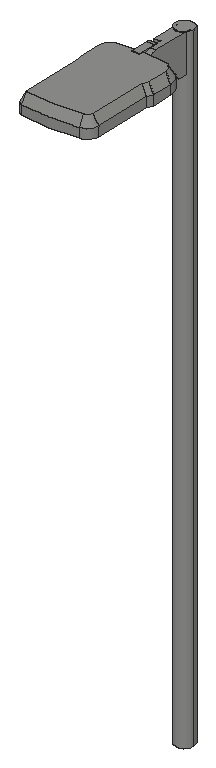
Revit family "VP-2-AA_U", category Lighting Fixtures, host Face, Revit 2019
Family settings
  Host = Face
  Round Connector Dimension = Use Diameter
  Part Type = Normal
  OmniClass Number = 23.80.70.11.14.17
  OmniClass Title = Direct/Indirect
  Cut with Voids When Loaded = No
  Light Source = No
  Shared = Yes
  Room Calculation Point = No
Parameters (values of type "VP-2-AA3U")
  Wattage Comments = "168 W"  # constant formula
  Warranty = "Five year warranty"  # constant formula
  Voltage = 120 V
  URL = "https://www.currentlighting.com/beacon"
  Type Comments = "Lighting Fixture"  # constant formula
  Size 2 = SIZE2-AAU : SIZE2-AAU
  Product Page URL = "https://www.currentlighting.com/outdoor-lighting/viper-area-size-2/9606404"
  Product Documentation Link = "https://cdn.currentlighting.com/site/specsheet/BEA_VIPERSPEC.pdf"
  Power Factor = 0.9
  Pole Radius [instance] = Pole Size / 2  # 1.75"
  Pole Height [instance] = 120.00"
  Name = "Viper Area Size 2"  # constant formula
  Mounting Block Size [instance] = Pole Size - 1.00"  # 2.50"
  Model = "VP-2-AA3U"
  Matt Grey = MATT GREY
  Matt Black = Matt Black
  Manufacturer = "Current Lighting"  # constant formula
  Load Classification = Lighting
  Light Output = 12704.00 cd/m²
  Lamp = "LED"  # constant formula
  Grey = Grey
  Glass = Glass
  Pole Size [instance] = 3.50"
  Features = "Featuring two different optical technologies, Micro Strike and Strike Optics, which provide the best distribution patterns for retrofit or new construction\r\nVibration rated for high vibration applications including bridges and overpasses\r\nControl options including photo control, occupancy sensing, NX Lighting Controls, wiSCAPE and 7-Pin with networked controls\r\nMounting options include: Arm, Universal Arm, Adjustable Arm, Mast Arm, Decorative Arm, Knuckle, Trunnion, Wall\r\nDistribution options include: Auto Front Row, Type 2, Type 3, Type 4 Forward, Type 4 Wide, Type 5 Narrow, Type 5 Medium, Type 5 Wide, Type 5 Rectangular, Corner Optic, and Tennis Court\r\n\r\n"  # constant formula
  Copyright = "© 2022 Current Lighting"  # constant formula
  Cool Grey = Cool Grey
  Contact Us = "https://www.currentlighting.com/contact-us"
  Certification = "UL"  # constant formula
  Description = "The Viper is an extremely versatile area/site luminaire which blends design, performance, and technology for a variety of applications."  # constant formula
  Default Elevation = 48.00"
  Finish = Arctic White
  Matt White = Matt White
  CRI = "70"  # constant formula
  Brand = "Beacon"  # constant formula
  Assembly Code = "D5020200"
  Apparent Load = 168 VA  # constant formula
Reference planes (in)
  plane 1 "Center (Front/Back)": y = 6.16697
  plane 2: z = 0
  plane 3 "Center (Left/Right)": x = 0
  plane 4: z = 3.75
  plane 5: z = -4.44
  plane 6: x = -1.75
  plane 7: x = 1.75
  plane 8: y = 4.41697
  plane 9: y = 7.91697
  plane 10: z = 120
Forms (in)
  Extrusion 1, solid, material "Cool Grey" <- "Cool Grey"
    sketch origin (0, 0, 0) x (1, 0, 0) y (0, 1, 0)
      loop
        circle (0, 6.16697) r 1.75
    from 0 to 120
Lines and regions (in)
  reference lines
    curve 1: line (0, 14.42606, -3.25) -> (0, 17.42606, -0.25)
    curve 2: line (0, -2.09213, -3.25) -> (0, 14.42606, -3.25)
    curve 3: line (0, -5.09213, -0.25) -> (0, -2.09213, -3.25)
    curve 4: line (0, 14.42606, -3.25) -> (0, 17.42606, -0.25)
    curve 5: line (0, -5.09213, -0.25) -> (0, 17.42606, -0.25)
    curve 6: line (0, 17.17606, -0.77432) -> (0, 17.92606, -0.77432)
    curve 7: line (0, 17.17606, -1.52432) -> (0, 17.17606, -0.77432)
    curve 8: line (0, 16.69614, -1.52432) -> (0, 17.17606, -1.52432)
    curve 9: line (0, 14.92606, -4.25) -> (0, 16.69614, -1.52432)
    curve 10: line (0, -4.3622, -1.52432) -> (0, -2.59213, -4.25)
    curve 11: line (0, -4.84213, -1.52432) -> (0, -4.3622, -1.52432)
    curve 12: line (0, -4.84213, -0.77432) -> (0, -4.84213, -1.52432)
    curve 13: line (0, -5.59213, -0.77432) -> (0, -4.84213, -0.77432)
Dimensions and locks (in)
  plane 4 to plane 2 = 3.75"
  "Pole Size": plane 8 to plane 9
  equal spacing: plane 8, plane 1 "Center (Front/Back)", plane 9
  equal spacing: plane 6, plane 3 "Center (Left/Right)", plane 7
  "Pole Size": plane 6 to plane 7
  "Pole Height": plane 10 to plane 2
  "Pole Radius": radius of Extrusion 1 sketch curve
  aligned and locked: plane 2 to host face
  aligned and locked: level to host face
  aligned and locked: plane 10 to Extrusion 1
  aligned and locked: plane 3 "Center (Left/Right)" to nested 1
Automatic sketch dimensions
  host sketch curve to host sketch curve = 96.00"
  host sketch curve to host sketch curve = 85.00"
  curve 3 to level = 0.25"
  plane 8 to curve 3 = 9.50909"
  curve 3 to curve 12 = 0.25"
  curve 11 to curve 11 = 0.47992"
  curve 2 to plane 5 = 1.19"
  curve 10 to curve 2 = 2.27008"
  curve 1 to plane 9 = 6.50909"
  curve 9 to level = 1.52432"
  curve 1 to curve 9 = 2.27008"
  curve 8 to curve 8 = 0.47992"
  curve 6 to curve 4 = 0.25"
  curve 10 to curve 3 = 1.27432"
  curve 7 to curve 1 = 0.52432"
  curve 12 to curve 3 = 0.52432"
  curve 13 to curve 3 = 0.50"
  curve 10 to plane 5 = 0.19"
  curve 10 to curve 2 = 0.50"
  curve 9 to plane 5 = 0.19"
  curve 1 to curve 9 = 0.50"
  curve 1 to curve 6 = 0.50"
  plane 1 "Center (Front/Back)" to Extrusion 1 sketch curve = 0.00"
  Extrusion 1 sketch curve to plane 3 "Center (Left/Right)" = 0.00"
Nested families (in)
  nested 1: "SIZE2-AAU" at (0, 4.41697, 118.26) x (1, 0, 0) z (0, -1, 0), type <- "Size 2", type "SIZE2-AAU"
Connectors (in)
  electrical at (0, 6.16697, 0), driven by "Power Factor", driven by "Apparent Load", driven by "Voltage"
    settings: on Extrusion 1, index 1, voltage 120 V, apparent load 168 VA, apparent load phase1 0 VA, apparent load phase2 0 VA, apparent load phase3 0 VA, power factor 0.9, load classification "Other", number of poles 1, system type 30, power factor state 1, is connector primary yes, connector utility no, sub classification motor no, connector description "Light Fixture"
Definition of nested family "SIZE2-AAU"
  Parameters (values of type "SIZE2-AAU")
    Width = 14.38"
    Wattage = 168 W
    built-in parameter 1150110 = 1 (stored number, unit not read)
    built-in parameter 1114217 = 1 (stored number, unit not read)
    Tilt Angle = 160.00°
    built-in parameter 1150109 = 1 (stored number, unit not read)
    built-in parameter 1150134 = 3
    built-in parameter 1150113 = 1 (stored number, unit not read)
    Photometric Web File = "VP-2-320L-170-3K7-4-BC.ies"
    Mount Length = 7.50"
    built-in parameter 1150105 = 1016 (stored number, unit not read)
    Lumens = 12768 lm
    built-in parameter 1150115 = 1 (stored number, unit not read)
    built-in parameter 1150137 = (empty or 0)
    built-in parameter 1150139 = (empty or 0)
    Length = 21.88"
    built-in parameter 1150112 = 1 (stored number, unit not read)
    built-in parameter 1150114 = 1 (stored number, unit not read)
    built-in parameter 1150132 = (empty or 0)
    built-in parameter 1150102 = (empty or 0)
    built-in parameter 1150107 = 3200 (stored number, unit not read)
    built-in parameter 1150138 = (empty or 0)
    built-in parameter 1150106 = 10.16 (stored number, unit not read)
    Glass = none
    Fixture = none
    built-in parameter 1150104 = 7.0606 (stored number, unit not read)
    Dimming Lamp Color Temperature Shift = (empty or 0)
    Default Elevation = 48.00"
    Color Filter = 16777215
    built-in parameter 1114218 = 1 (stored number, unit not read)
    built-in parameter 1150133 = 10 (stored number, unit not read)
  Reference planes (in)
    plane 1 "Center (Front/Back)": y = 0
    plane 2: z = 0
    plane 3 "Center (Left/Right)": x = 0
    plane 4: x = 7.19
    plane 5: x = -7.19
    plane 6: z = 7.5
    plane 7: z = 29.38
    plane 8: y = -1.74
    plane 9: y = 1.74
  Forms (in)
    Extrusion 1, solid
      sketch origin (0, 0, 0) x (1, 0, 0) y (0, 1, 0)
        loop
          line (-48, 48) -> (-48, -48) -> (48, -48) -> (48, 48) -> (-48, 48)
      from 0 to -12
    Extrusion 2, solid, material <- "Fixture"
      sketch origin (0, 0, 2.5) x (1, 0, 0) y (0, 0, 1)
        loop
          line (-6.90972, 13.22202) -> (-7.315, 12.17799) -> (-7.315, 8.14521)
          arc (-7.315, 8.14521) -> (-6.65907, 6.18733) -> (-4.95604, 5.01974) r 3.25
          arc (-4.95604, 5.01974) -> (0, 4.60164) -> (4.95604, 5.01974) r 29.58274
          arc (4.95604, 5.01974) -> (6.65907, 6.18733) -> (7.315, 8.14521) r 3.25
          line (7.315, 8.14521) -> (7.315, 12.17799) -> (6.8775, 13.30502) -> (6.8775, 24.46879)
          arc (6.8775, 24.46879) -> (6.31653, 25.85775) -> (4.9483, 26.46754) r 2
          arc (4.9483, 26.46754) -> (-0.47287, 26.80918) -> (-5.88692, 26.36884) r 37.73107
          arc (-5.88692, 26.36884) -> (-6.62058, 25.93919) -> (-6.90972, 25.13966) r 1.25
          line (-6.90972, 25.13966) -> (-6.90972, 13.22202)
      from 0 to 1.74
    Extrusion 3, void
      sketch origin (0, 0, 3.625) x (1, 0, 0) y (0, 0, 1)
        loop
          line (-5.94707, 9.88637) -> (-5.94707, 8.88637)
          arc (-5.94707, 8.88637) -> (-0.00354, 7.88584) -> (5.94, 8.88637) r 18.15382
          line (5.94, 8.88637) -> (5.94, 9.88637)
          arc (5.94, 9.88637) -> (-0.00354, 8.88584) -> (-5.94707, 9.88637) r 18.15382
        loop
          line (-5.85535, 7.87828) -> (-5.85535, 7.60486)
          arc (-5.85535, 7.60486) -> (0.0002, 6.63584) -> (5.85535, 7.60727) r 18.15382
          line (5.85535, 7.60727) -> (5.85535, 7.88068)
          arc (5.85535, 7.88068) -> (0.0002, 6.91466) -> (-5.85535, 7.87828) r 18.25
        loop
          line (-5.85535, 7.12828) -> (-5.85535, 6.85486)
          arc (-5.85535, 6.85486) -> (0.0002, 5.88584) -> (5.85535, 6.85727) r 18.15382
          line (5.85535, 6.85727) -> (5.85535, 7.13068)
          arc (5.85535, 7.13068) -> (0.0002, 6.16466) -> (-5.85535, 7.12828) r 18.25
      from 1 to 1.75
    Blend 4, solid, material <- "Fixture"
      base sketch origin (0, 0, 2.5) x (1, 0, 0) y (0, 0, 1)
        loop
          arc (6.8775, 24.46879) -> (6.31653, 25.85775) -> (4.9483, 26.46754) r 2
          arc (4.9483, 26.46754) -> (-0.47287, 26.80918) -> (-5.88692, 26.36884) r 37.73107
          arc (-5.88692, 26.36884) -> (-6.62058, 25.93919) -> (-6.90972, 25.13966) r 1.25
          line (-6.90972, 25.13966) -> (-6.90972, 13.22202) -> (-7.315, 12.17799) -> (-7.315, 8.14521)
          arc (-7.315, 8.14521) -> (-6.65907, 6.18733) -> (-4.95604, 5.01974) r 3.25
          arc (-4.95604, 5.01974) -> (0, 4.60164) -> (4.95604, 5.01974) r 29.58274
          arc (4.95604, 5.01974) -> (6.65907, 6.18733) -> (7.315, 8.14521) r 3.25
          line (7.315, 8.14521) -> (7.315, 12.17799) -> (6.8775, 13.30502) -> (6.8775, 24.46879)
      top sketch origin (0, 0, 2.5) x (1, 0, 0) y (0, 0, 1)
        loop
          arc (5.8775, 24.46879) -> (5.58249, 25.17801) -> (4.87152, 25.46878) r 1
          arc (4.87152, 25.46878) -> (-0.42416, 25.80959) -> (-5.71369, 25.38377) r 36.73111
          arc (-5.71369, 25.38377) -> (-5.85465, 25.2962) -> (-5.90972, 25.13966) r 0.25
          line (-5.90972, 25.13966) -> (-5.90972, 13.03474) -> (-6.315, 11.99071) -> (-6.315, 8.14521)
          arc (-6.315, 8.14521) -> (-5.87115, 6.80345) -> (-4.71471, 5.99106) r 2.25
          arc (-4.71471, 5.99106) -> (0, 5.59956) -> (4.71471, 5.99106) r 28.58482
          arc (4.71471, 5.99106) -> (5.87115, 6.80345) -> (6.315, 8.14521) r 2.25
          line (6.315, 8.14521) -> (6.315, 11.99071) -> (5.8775, 13.11774) -> (5.8775, 24.46879)
      from 0 to -1.74
    Extrusion 5, void
      sketch origin (0, 0, 2.5) x (1, 0, 0) y (0, 0, 1)
        loop
          arc (-5.91108, 12.63948) -> (0.07704, 12.98149) -> (6.065, 12.63674) r 52.38328
          line (6.065, 12.63674) -> (6.065, 24.56182) -> (-5.91108, 24.56182) -> (-5.91108, 12.63948)
      from 1 to 1.75
    Extrusion 6, solid, material <- "Glass"
      sketch origin (0, 0, 2.25) x (1, 0, 0) y (0, 0, 1)
        loop
          arc (-5.06487, 24.56182) -> (-5.31236, 24.45931) -> (-5.41487, 24.21182) r 0.35
          line (-5.41487, 24.21182) -> (-5.41487, 19.16182)
          arc (-5.41487, 19.16182) -> (-5.31236, 18.91434) -> (-5.06487, 18.81182) r 0.35
          line (-5.06487, 18.81182) -> (5.11803, 18.81182)
          arc (5.11803, 18.81182) -> (5.36552, 18.91434) -> (5.46803, 19.16182) r 0.35
          line (5.46803, 19.16182) -> (5.46803, 24.21182)
          arc (5.46803, 24.21182) -> (5.36552, 24.45931) -> (5.11803, 24.56182) r 0.35
          line (5.11803, 24.56182) -> (-5.06487, 24.56182)
      from 1 to 1.35
    Extrusion 7, solid, material <- "Glass"
      sketch origin (0, 0, 2.25) x (1, 0, 0) y (0, 0, 1)
        loop
          circle (-4.85829, 23.73694) r 0.15
        loop
          circle (-4.33955, 23.73694) r 0.15
        loop
          circle (-3.8208, 23.73694) r 0.15
        loop
          circle (-3.30205, 23.73694) r 0.15
        loop
          circle (-2.7833, 23.73694) r 0.15
        loop
          circle (-2.26455, 23.73694) r 0.15
        loop
          circle (-1.7458, 23.73694) r 0.15
        loop
          circle (-1.22705, 23.73694) r 0.15
        loop
          circle (-0.70831, 23.73694) r 0.15
        loop
          circle (-4.85829, 23.23694) r 0.15
        loop
          circle (-4.33955, 23.23694) r 0.15
        loop
          circle (-3.8208, 23.23694) r 0.15
        loop
          circle (-3.30205, 23.23694) r 0.15
        loop
          circle (-2.7833, 23.23694) r 0.15
        loop
          circle (-2.26455, 23.23694) r 0.15
        loop
          circle (-1.7458, 23.23694) r 0.15
        loop
          circle (-1.22705, 23.23694) r 0.15
        loop
          circle (-0.70831, 23.23694) r 0.15
        loop
          circle (-4.85829, 22.73694) r 0.15
        loop
          circle (-4.33955, 22.73694) r 0.15
        loop
          circle (-3.8208, 22.73694) r 0.15
        loop
          circle (-3.30205, 22.73694) r 0.15
        loop
          circle (-2.7833, 22.73694) r 0.15
        loop
          circle (-2.26455, 22.73694) r 0.15
        loop
          circle (-1.7458, 22.73694) r 0.15
        loop
          circle (-1.22705, 22.73694) r 0.15
        loop
          circle (-0.70831, 22.73694) r 0.15
        loop
          circle (-4.85829, 22.23694) r 0.15
        loop
          circle (-4.33955, 22.23694) r 0.15
        loop
          circle (-3.8208, 22.23694) r 0.15
        loop
          circle (-3.30205, 22.23694) r 0.15
        loop
          circle (-2.7833, 22.23694) r 0.15
        loop
          circle (-2.26455, 22.23694) r 0.15
        loop
          circle (-1.7458, 22.23694) r 0.15
        loop
          circle (-1.22705, 22.23694) r 0.15
        loop
          circle (-0.70831, 22.23694) r 0.15
        loop
          circle (-4.85829, 21.73694) r 0.15
        loop
          circle (-4.33955, 21.73694) r 0.15
        loop
          circle (-3.8208, 21.73694) r 0.15
        loop
          circle (-3.30205, 21.73694) r 0.15
        loop
          circle (-2.7833, 21.73694) r 0.15
        loop
          circle (-2.26455, 21.73694) r 0.15
        loop
          circle (-1.7458, 21.73694) r 0.15
        loop
          circle (-1.22705, 21.73694) r 0.15
        loop
          circle (-0.70831, 21.73694) r 0.15
        loop
          circle (-4.85829, 21.23694) r 0.15
        loop
          circle (-4.33955, 21.23694) r 0.15
        loop
          circle (-3.8208, 21.23694) r 0.15
        loop
          circle (-3.30205, 21.23694) r 0.15
        loop
          circle (-2.7833, 21.23694) r 0.15
        loop
          circle (-2.26455, 21.23694) r 0.15
        loop
          circle (-1.7458, 21.23694) r 0.15
        loop
          circle (-1.22705, 21.23694) r 0.15
        loop
          circle (-0.70831, 21.23694) r 0.15
        loop
          circle (-4.85829, 20.73694) r 0.15
        loop
          circle (-4.33955, 20.73694) r 0.15
        loop
          circle (-3.8208, 20.73694) r 0.15
        loop
          circle (-3.30205, 20.73694) r 0.15
        loop
          circle (-2.7833, 20.73694) r 0.15
        loop
          circle (-2.26455, 20.73694) r 0.15
        loop
          circle (-1.7458, 20.73694) r 0.15
        loop
          circle (-1.22705, 20.73694) r 0.15
        loop
          circle (-0.70831, 20.73694) r 0.15
        loop
          circle (-4.85829, 20.23694) r 0.15
        loop
          circle (-4.33955, 20.23694) r 0.15
        loop
          circle (-3.8208, 20.23694) r 0.15
        loop
          circle (-3.30205, 20.23694) r 0.15
        loop
          circle (-2.7833, 20.23694) r 0.15
        loop
          circle (-2.26455, 20.23694) r 0.15
        loop
          circle (-1.7458, 20.23694) r 0.15
        loop
          circle (-1.22705, 20.23694) r 0.15
        loop
          circle (-0.70831, 20.23694) r 0.15
        loop
          circle (-4.85829, 19.73694) r 0.15
        loop
          circle (-4.33955, 19.73694) r 0.15
        loop
          circle (-3.8208, 19.73694) r 0.15
        loop
          circle (-3.30205, 19.73694) r 0.15
        loop
          circle (-2.7833, 19.73694) r 0.15
        loop
          circle (-2.26455, 19.73694) r 0.15
        loop
          circle (-1.7458, 19.73694) r 0.15
        loop
          circle (-1.22705, 19.73694) r 0.15
        loop
          circle (-0.70831, 19.73694) r 0.15
      from 1.35 to 1.4
    Extrusion 8, solid, material <- "Glass"
      sketch origin (0, 0, 2.25) x (-1, 0, 0) y (0, 0, -1)
        loop
          circle (-4.85829, -23.73694) r 0.15
        loop
          circle (-4.33955, -23.73694) r 0.15
        loop
          circle (-3.8208, -23.73694) r 0.15
        loop
          circle (-3.30205, -23.73694) r 0.15
        loop
          circle (-2.7833, -23.73694) r 0.15
        loop
          circle (-2.26455, -23.73694) r 0.15
        loop
          circle (-1.7458, -23.73694) r 0.15
        loop
          circle (-1.22705, -23.73694) r 0.15
        loop
          circle (-0.70831, -23.73694) r 0.15
        loop
          circle (-4.85829, -23.23694) r 0.15
        loop
          circle (-4.33955, -23.23694) r 0.15
        loop
          circle (-3.8208, -23.23694) r 0.15
        loop
          circle (-3.30205, -23.23694) r 0.15
        loop
          circle (-2.7833, -23.23694) r 0.15
        loop
          circle (-2.26455, -23.23694) r 0.15
        loop
          circle (-1.7458, -23.23694) r 0.15
        loop
          circle (-1.22705, -23.23694) r 0.15
        loop
          circle (-0.70831, -23.23694) r 0.15
        loop
          circle (-4.85829, -22.73694) r 0.15
        loop
          circle (-4.33955, -22.73694) r 0.15
        loop
          circle (-3.8208, -22.73694) r 0.15
        loop
          circle (-3.30205, -22.73694) r 0.15
        loop
          circle (-2.7833, -22.73694) r 0.15
        loop
          circle (-2.26455, -22.73694) r 0.15
        loop
          circle (-1.7458, -22.73694) r 0.15
        loop
          circle (-1.22705, -22.73694) r 0.15
        loop
          circle (-0.70831, -22.73694) r 0.15
        loop
          circle (-4.85829, -22.23694) r 0.15
        loop
          circle (-4.33955, -22.23694) r 0.15
        loop
          circle (-3.8208, -22.23694) r 0.15
        loop
          circle (-3.30205, -22.23694) r 0.15
        loop
          circle (-2.7833, -22.23694) r 0.15
        loop
          circle (-2.26455, -22.23694) r 0.15
        loop
          circle (-1.7458, -22.23694) r 0.15
        loop
          circle (-1.22705, -22.23694) r 0.15
        loop
          circle (-0.70831, -22.23694) r 0.15
        loop
          circle (-4.85829, -21.73694) r 0.15
        loop
          circle (-4.33955, -21.73694) r 0.15
        loop
          circle (-3.8208, -21.73694) r 0.15
        loop
          circle (-3.30205, -21.73694) r 0.15
        loop
          circle (-2.7833, -21.73694) r 0.15
        loop
          circle (-2.26455, -21.73694) r 0.15
        loop
          circle (-1.7458, -21.73694) r 0.15
        loop
          circle (-1.22705, -21.73694) r 0.15
        loop
          circle (-0.70831, -21.73694) r 0.15
        loop
          circle (-4.85829, -21.23694) r 0.15
        loop
          circle (-4.33955, -21.23694) r 0.15
        loop
          circle (-3.8208, -21.23694) r 0.15
        loop
          circle (-3.30205, -21.23694) r 0.15
        loop
          circle (-2.7833, -21.23694) r 0.15
        loop
          circle (-2.26455, -21.23694) r 0.15
        loop
          circle (-1.7458, -21.23694) r 0.15
        loop
          circle (-1.22705, -21.23694) r 0.15
        loop
          circle (-0.70831, -21.23694) r 0.15
        loop
          circle (-4.85829, -20.73694) r 0.15
        loop
          circle (-4.33955, -20.73694) r 0.15
        loop
          circle (-3.8208, -20.73694) r 0.15
        loop
          circle (-3.30205, -20.73694) r 0.15
        loop
          circle (-2.7833, -20.73694) r 0.15
        loop
          circle (-2.26455, -20.73694) r 0.15
        loop
          circle (-1.7458, -20.73694) r 0.15
        loop
          circle (-1.22705, -20.73694) r 0.15
        loop
          circle (-0.70831, -20.73694) r 0.15
        loop
          circle (-4.85829, -20.23694) r 0.15
        loop
          circle (-4.33955, -20.23694) r 0.15
        loop
          circle (-3.8208, -20.23694) r 0.15
        loop
          circle (-3.30205, -20.23694) r 0.15
        loop
          circle (-2.7833, -20.23694) r 0.15
        loop
          circle (-2.26455, -20.23694) r 0.15
        loop
          circle (-1.7458, -20.23694) r 0.15
        loop
          circle (-1.22705, -20.23694) r 0.15
        loop
          circle (-0.70831, -20.23694) r 0.15
        loop
          circle (-4.85829, -19.73694) r 0.15
        loop
          circle (-4.33955, -19.73694) r 0.15
        loop
          circle (-3.8208, -19.73694) r 0.15
        loop
          circle (-3.30205, -19.73694) r 0.15
        loop
          circle (-2.7833, -19.73694) r 0.15
        loop
          circle (-2.26455, -19.73694) r 0.15
        loop
          circle (-1.7458, -19.73694) r 0.15
        loop
          circle (-1.22705, -19.73694) r 0.15
        loop
          circle (-0.70831, -19.73694) r 0.15
      from 1.35 to 1.4
    Extrusion 9, solid, material <- "Glass"
      sketch origin (0, 0, 2.25) x (1, 0, 0) y (0, 0, 1)
        loop
          arc (-5.04655, 24.2409) -> (-5.22333, 24.16768) -> (-5.29655, 23.9909) r 0.25
          line (-5.29655, 23.9909) -> (-5.29655, 19.4909)
          arc (-5.29655, 19.4909) -> (-5.22333, 19.31412) -> (-5.04655, 19.2409) r 0.25
          line (-5.04655, 19.2409) -> (-0.54655, 19.2409)
          arc (-0.54655, 19.2409) -> (-0.36977, 19.31412) -> (-0.29655, 19.4909) r 0.25
          line (-0.29655, 19.4909) -> (-0.29655, 23.9909)
          arc (-0.29655, 23.9909) -> (-0.36977, 24.16768) -> (-0.54655, 24.2409) r 0.25
          line (-0.54655, 24.2409) -> (-5.04655, 24.2409)
      from 1.35 to 1.37213
    Extrusion 10, solid, material <- "Glass"
      sketch origin (0, 0, 2.25) x (-1, 0, 0) y (0, 0, -1)
        loop
          line (-5.04655, -24.2409) -> (-0.54655, -24.2409)
          arc (-0.54655, -24.2409) -> (-0.36977, -24.16768) -> (-0.29655, -23.9909) r 0.25
          line (-0.29655, -23.9909) -> (-0.29655, -19.4909)
          arc (-0.29655, -19.4909) -> (-0.36977, -19.31412) -> (-0.54655, -19.2409) r 0.25
          line (-0.54655, -19.2409) -> (-5.04655, -19.2409)
          arc (-5.04655, -19.2409) -> (-5.22333, -19.31412) -> (-5.29655, -19.4909) r 0.25
          line (-5.29655, -19.4909) -> (-5.29655, -23.9909)
          arc (-5.29655, -23.9909) -> (-5.22333, -24.16768) -> (-5.04655, -24.2409) r 0.25
      from 1.35 to 1.37213
    Extrusion 11, solid, material <- "Fixture"
      sketch origin (0.125, 0, 2.125) x (1, 0, 0) y (0, 1, 0)
        loop
          line (5.34818, -1) -> (5.34818, -1.20146)
          arc (5.34818, -1.20146) -> (5.35492, -1.23973) -> (5.37436, -1.27339) r 0.1119
          line (5.37436, -1.27339) -> (5.73492, -1.70309)
          arc (5.73492, -1.70309) -> (5.76289, -1.72455) -> (5.79732, -1.73219) r 0.08147
          line (5.79732, -1.73219) -> (5.94, -1.73219) -> (5.94, -1) -> (5.34818, -1)
      from 18.55 to 18.65
    Extrusion 12, solid, material <- "Fixture"
      sketch origin (0.125, 0, 1.22261) x (1, 0, 0) y (0, 1, 0)
        loop
          line (5.34818, -1) -> (5.34818, -1.20146)
          arc (5.34818, -1.20146) -> (5.35492, -1.23973) -> (5.37436, -1.27339) r 0.1119
          line (5.37436, -1.27339) -> (5.73492, -1.70309)
          arc (5.73492, -1.70309) -> (5.76289, -1.72455) -> (5.79732, -1.73219) r 0.08147
          line (5.79732, -1.73219) -> (5.94, -1.73219) -> (5.94, -1) -> (5.34818, -1)
      from 18.55 to 18.65
    Extrusion 13, solid, material <- "Fixture"
      sketch origin (0.125, 0, 0.33079) x (1, 0, 0) y (0, 1, 0)
        loop
          line (5.34818, -1) -> (5.34818, -1.20146)
          arc (5.34818, -1.20146) -> (5.35492, -1.23973) -> (5.37436, -1.27339) r 0.1119
          line (5.37436, -1.27339) -> (5.73492, -1.70309)
          arc (5.73492, -1.70309) -> (5.76289, -1.72455) -> (5.79732, -1.73219) r 0.08147
          line (5.79732, -1.73219) -> (5.94, -1.73219) -> (5.94, -1) -> (5.34818, -1)
      from 18.55 to 18.65
    Extrusion 14, solid, material <- "Fixture"
      sketch origin (0.125, 0, -0.56103) x (1, 0, 0) y (0, 1, 0)
        loop
          line (5.34818, -1) -> (5.34818, -1.20146)
          arc (5.34818, -1.20146) -> (5.35492, -1.23973) -> (5.37436, -1.27339) r 0.1119
          line (5.37436, -1.27339) -> (5.73492, -1.70309)
          arc (5.73492, -1.70309) -> (5.76289, -1.72455) -> (5.79732, -1.73219) r 0.08147
          line (5.79732, -1.73219) -> (5.94, -1.73219) -> (5.94, -1) -> (5.34818, -1)
      from 18.55 to 18.65
    Extrusion 15, solid, material <- "Fixture"
      sketch origin (0.125, 0, -1.45181) x (1, 0, 0) y (0, 1, 0)
        loop
          line (5.34818, -1) -> (5.34818, -1.20146)
          arc (5.34818, -1.20146) -> (5.35492, -1.23973) -> (5.37436, -1.27339) r 0.1119
          line (5.37436, -1.27339) -> (5.73492, -1.70309)
          arc (5.73492, -1.70309) -> (5.76289, -1.72455) -> (5.79732, -1.73219) r 0.08147
          line (5.79732, -1.73219) -> (5.94, -1.73219) -> (5.94, -1) -> (5.34818, -1)
      from 18.55 to 18.65
    Extrusion 16, solid, material <- "Fixture"
      sketch origin (-0.125, 0, 2.125) x (-1, 0, 0) y (0, -1, 0)
        loop
          line (5.34818, 1) -> (5.94, 1) -> (5.94, 1.73219) -> (5.79732, 1.73219)
          arc (5.79732, 1.73219) -> (5.76289, 1.72455) -> (5.73492, 1.70309) r 0.08147
          line (5.73492, 1.70309) -> (5.37436, 1.27339)
          arc (5.37436, 1.27339) -> (5.35492, 1.23973) -> (5.34818, 1.20146) r 0.1119
          line (5.34818, 1.20146) -> (5.34818, 1)
      from 18.55 to 18.65
    Extrusion 17, solid, material <- "Fixture"
      sketch origin (-0.125, 0, 1.22261) x (-1, 0, 0) y (0, -1, 0)
        loop
          line (5.34818, 1) -> (5.94, 1) -> (5.94, 1.73219) -> (5.79732, 1.73219)
          arc (5.79732, 1.73219) -> (5.76289, 1.72455) -> (5.73492, 1.70309) r 0.08147
          line (5.73492, 1.70309) -> (5.37436, 1.27339)
          arc (5.37436, 1.27339) -> (5.35492, 1.23973) -> (5.34818, 1.20146) r 0.1119
          line (5.34818, 1.20146) -> (5.34818, 1)
      from 18.55 to 18.65
    Extrusion 18, solid, material <- "Fixture"
      sketch origin (-0.125, 0, 0.33079) x (-1, 0, 0) y (0, -1, 0)
        loop
          line (5.34818, 1) -> (5.94, 1) -> (5.94, 1.73219) -> (5.79732, 1.73219)
          arc (5.79732, 1.73219) -> (5.76289, 1.72455) -> (5.73492, 1.70309) r 0.08147
          line (5.73492, 1.70309) -> (5.37436, 1.27339)
          arc (5.37436, 1.27339) -> (5.35492, 1.23973) -> (5.34818, 1.20146) r 0.1119
          line (5.34818, 1.20146) -> (5.34818, 1)
      from 18.55 to 18.65
    Extrusion 19, solid, material <- "Fixture"
      sketch origin (-0.125, 0, -0.56103) x (-1, 0, 0) y (0, -1, 0)
        loop
          line (5.34818, 1) -> (5.94, 1) -> (5.94, 1.73219) -> (5.79732, 1.73219)
          arc (5.79732, 1.73219) -> (5.76289, 1.72455) -> (5.73492, 1.70309) r 0.08147
          line (5.73492, 1.70309) -> (5.37436, 1.27339)
          arc (5.37436, 1.27339) -> (5.35492, 1.23973) -> (5.34818, 1.20146) r 0.1119
          line (5.34818, 1.20146) -> (5.34818, 1)
      from 18.55 to 18.65
    Extrusion 20, solid, material <- "Fixture"
      sketch origin (-0.125, 0, -1.45181) x (-1, 0, 0) y (0, -1, 0)
        loop
          line (5.34818, 1) -> (5.94, 1) -> (5.94, 1.73219) -> (5.79732, 1.73219)
          arc (5.79732, 1.73219) -> (5.76289, 1.72455) -> (5.73492, 1.70309) r 0.08147
          line (5.73492, 1.70309) -> (5.37436, 1.27339)
          arc (5.37436, 1.27339) -> (5.35492, 1.23973) -> (5.34818, 1.20146) r 0.1119
          line (5.34818, 1.20146) -> (5.34818, 1)
      from 18.55 to 18.65
    Extrusion 21, solid, material <- "Fixture"
      sketch origin (0.125, 0, 7.25) x (1, 0, 0) y (0, 1, 0)
        loop
          line (5.34818, -1) -> (5.34818, -1.20146)
          arc (5.34818, -1.20146) -> (5.35492, -1.23973) -> (5.37436, -1.27339) r 0.1119
          line (5.37436, -1.27339) -> (5.73492, -1.70309)
          arc (5.73492, -1.70309) -> (5.76289, -1.72455) -> (5.79732, -1.73219) r 0.08147
          line (5.79732, -1.73219) -> (5.94, -1.73219) -> (5.94, -1) -> (5.34818, -1)
      from 18.55 to 18.65
    Extrusion 22, solid, material <- "Fixture"
      sketch origin (0.125, 0, 6.34761) x (1, 0, 0) y (0, 1, 0)
        loop
          line (5.34818, -1) -> (5.34818, -1.20146)
          arc (5.34818, -1.20146) -> (5.35492, -1.23973) -> (5.37436, -1.27339) r 0.1119
          line (5.37436, -1.27339) -> (5.73492, -1.70309)
          arc (5.73492, -1.70309) -> (5.76289, -1.72455) -> (5.79732, -1.73219) r 0.08147
          line (5.79732, -1.73219) -> (5.94, -1.73219) -> (5.94, -1) -> (5.34818, -1)
      from 18.55 to 18.65
    Extrusion 23, solid, material <- "Fixture"
      sketch origin (0.125, 0, 5.45579) x (1, 0, 0) y (0, 1, 0)
        loop
          line (5.34818, -1) -> (5.34818, -1.20146)
          arc (5.34818, -1.20146) -> (5.35492, -1.23973) -> (5.37436, -1.27339) r 0.1119
          line (5.37436, -1.27339) -> (5.73492, -1.70309)
          arc (5.73492, -1.70309) -> (5.76289, -1.72455) -> (5.79732, -1.73219) r 0.08147
          line (5.79732, -1.73219) -> (5.94, -1.73219) -> (5.94, -1) -> (5.34818, -1)
      from 18.55 to 18.65
    Extrusion 24, solid, material <- "Fixture"
      sketch origin (0.125, 0, 4.56397) x (1, 0, 0) y (0, 1, 0)
        loop
          line (5.34818, -1) -> (5.34818, -1.20146)
          arc (5.34818, -1.20146) -> (5.35492, -1.23973) -> (5.37436, -1.27339) r 0.1119
          line (5.37436, -1.27339) -> (5.73492, -1.70309)
          arc (5.73492, -1.70309) -> (5.76289, -1.72455) -> (5.79732, -1.73219) r 0.08147
          line (5.79732, -1.73219) -> (5.94, -1.73219) -> (5.94, -1) -> (5.34818, -1)
      from 18.55 to 18.65
    Extrusion 25, solid, material <- "Fixture"
      sketch origin (0.125, 0, 3.67319) x (1, 0, 0) y (0, 1, 0)
        loop
          line (5.34818, -1) -> (5.34818, -1.20146)
          arc (5.34818, -1.20146) -> (5.35492, -1.23973) -> (5.37436, -1.27339) r 0.1119
          line (5.37436, -1.27339) -> (5.73492, -1.70309)
          arc (5.73492, -1.70309) -> (5.76289, -1.72455) -> (5.79732, -1.73219) r 0.08147
          line (5.79732, -1.73219) -> (5.94, -1.73219) -> (5.94, -1) -> (5.34818, -1)
      from 18.55 to 18.65
    Extrusion 26, solid, material <- "Fixture"
      sketch origin (-0.125, 0, 7.25) x (-1, 0, 0) y (0, -1, 0)
        loop
          line (5.34818, 1) -> (5.94, 1) -> (5.94, 1.73219) -> (5.79732, 1.73219)
          arc (5.79732, 1.73219) -> (5.76289, 1.72455) -> (5.73492, 1.70309) r 0.08147
          line (5.73492, 1.70309) -> (5.37436, 1.27339)
          arc (5.37436, 1.27339) -> (5.35492, 1.23973) -> (5.34818, 1.20146) r 0.1119
          line (5.34818, 1.20146) -> (5.34818, 1)
      from 18.55 to 18.65
    Extrusion 27, solid, material <- "Fixture"
      sketch origin (-0.125, 0, 6.34761) x (-1, 0, 0) y (0, -1, 0)
        loop
          line (5.34818, 1) -> (5.94, 1) -> (5.94, 1.73219) -> (5.79732, 1.73219)
          arc (5.79732, 1.73219) -> (5.76289, 1.72455) -> (5.73492, 1.70309) r 0.08147
          line (5.73492, 1.70309) -> (5.37436, 1.27339)
          arc (5.37436, 1.27339) -> (5.35492, 1.23973) -> (5.34818, 1.20146) r 0.1119
          line (5.34818, 1.20146) -> (5.34818, 1)
      from 18.55 to 18.65
    Extrusion 28, solid, material <- "Fixture"
      sketch origin (-0.125, 0, 5.45579) x (-1, 0, 0) y (0, -1, 0)
        loop
          line (5.34818, 1) -> (5.94, 1) -> (5.94, 1.73219) -> (5.79732, 1.73219)
          arc (5.79732, 1.73219) -> (5.76289, 1.72455) -> (5.73492, 1.70309) r 0.08147
          line (5.73492, 1.70309) -> (5.37436, 1.27339)
          arc (5.37436, 1.27339) -> (5.35492, 1.23973) -> (5.34818, 1.20146) r 0.1119
          line (5.34818, 1.20146) -> (5.34818, 1)
      from 18.55 to 18.65
    Extrusion 29, solid, material <- "Fixture"
      sketch origin (-0.125, 0, 4.56397) x (-1, 0, 0) y (0, -1, 0)
        loop
          line (5.34818, 1) -> (5.94, 1) -> (5.94, 1.73219) -> (5.79732, 1.73219)
          arc (5.79732, 1.73219) -> (5.76289, 1.72455) -> (5.73492, 1.70309) r 0.08147
          line (5.73492, 1.70309) -> (5.37436, 1.27339)
          arc (5.37436, 1.27339) -> (5.35492, 1.23973) -> (5.34818, 1.20146) r 0.1119
          line (5.34818, 1.20146) -> (5.34818, 1)
      from 18.55 to 18.65
    Extrusion 30, solid, material <- "Fixture"
      sketch origin (-0.125, 0, 3.67319) x (-1, 0, 0) y (0, -1, 0)
        loop
          line (5.34818, 1) -> (5.94, 1) -> (5.94, 1.73219) -> (5.79732, 1.73219)
          arc (5.79732, 1.73219) -> (5.76289, 1.72455) -> (5.73492, 1.70309) r 0.08147
          line (5.73492, 1.70309) -> (5.37436, 1.27339)
          arc (5.37436, 1.27339) -> (5.35492, 1.23973) -> (5.34818, 1.20146) r 0.1119
          line (5.34818, 1.20146) -> (5.34818, 1)
      from 18.55 to 18.65
    Extrusion 31, solid, material <- "Glass"
      sketch origin (0, 0, -3.5) x (1, 0, 0) y (0, 0, 1)
        loop
          arc (-5.06487, 24.56182) -> (-5.31236, 24.45931) -> (-5.41487, 24.21182) r 0.35
          line (-5.41487, 24.21182) -> (-5.41487, 19.16182)
          arc (-5.41487, 19.16182) -> (-5.31236, 18.91434) -> (-5.06487, 18.81182) r 0.35
          line (-5.06487, 18.81182) -> (5.11803, 18.81182)
          arc (5.11803, 18.81182) -> (5.36552, 18.91434) -> (5.46803, 19.16182) r 0.35
          line (5.46803, 19.16182) -> (5.46803, 24.21182)
          arc (5.46803, 24.21182) -> (5.36552, 24.45931) -> (5.11803, 24.56182) r 0.35
          line (5.11803, 24.56182) -> (-5.06487, 24.56182)
      from 1 to 1.35
    Extrusion 32, solid, material <- "Glass"
      sketch origin (0, 0, -3.5) x (1, 0, 0) y (0, 0, 1)
        loop
          circle (-4.85829, 23.73694) r 0.15
        loop
          circle (-4.33955, 23.73694) r 0.15
        loop
          circle (-3.8208, 23.73694) r 0.15
        loop
          circle (-3.30205, 23.73694) r 0.15
        loop
          circle (-2.7833, 23.73694) r 0.15
        loop
          circle (-2.26455, 23.73694) r 0.15
        loop
          circle (-1.7458, 23.73694) r 0.15
        loop
          circle (-1.22705, 23.73694) r 0.15
        loop
          circle (-0.70831, 23.73694) r 0.15
        loop
          circle (-4.85829, 23.23694) r 0.15
        loop
          circle (-4.33955, 23.23694) r 0.15
        loop
          circle (-3.8208, 23.23694) r 0.15
        loop
          circle (-3.30205, 23.23694) r 0.15
        loop
          circle (-2.7833, 23.23694) r 0.15
        loop
          circle (-2.26455, 23.23694) r 0.15
        loop
          circle (-1.7458, 23.23694) r 0.15
        loop
          circle (-1.22705, 23.23694) r 0.15
        loop
          circle (-0.70831, 23.23694) r 0.15
        loop
          circle (-4.85829, 22.73694) r 0.15
        loop
          circle (-4.33955, 22.73694) r 0.15
        loop
          circle (-3.8208, 22.73694) r 0.15
        loop
          circle (-3.30205, 22.73694) r 0.15
        loop
          circle (-2.7833, 22.73694) r 0.15
        loop
          circle (-2.26455, 22.73694) r 0.15
        loop
          circle (-1.7458, 22.73694) r 0.15
        loop
          circle (-1.22705, 22.73694) r 0.15
        loop
          circle (-0.70831, 22.73694) r 0.15
        loop
          circle (-4.85829, 22.23694) r 0.15
        loop
          circle (-4.33955, 22.23694) r 0.15
        loop
          circle (-3.8208, 22.23694) r 0.15
        loop
          circle (-3.30205, 22.23694) r 0.15
        loop
          circle (-2.7833, 22.23694) r 0.15
        loop
          circle (-2.26455, 22.23694) r 0.15
        loop
          circle (-1.7458, 22.23694) r 0.15
        loop
          circle (-1.22705, 22.23694) r 0.15
        loop
          circle (-0.70831, 22.23694) r 0.15
        loop
          circle (-4.85829, 21.73694) r 0.15
        loop
          circle (-4.33955, 21.73694) r 0.15
        loop
          circle (-3.8208, 21.73694) r 0.15
        loop
          circle (-3.30205, 21.73694) r 0.15
        loop
          circle (-2.7833, 21.73694) r 0.15
        loop
          circle (-2.26455, 21.73694) r 0.15
        loop
          circle (-1.7458, 21.73694) r 0.15
        loop
          circle (-1.22705, 21.73694) r 0.15
        loop
          circle (-0.70831, 21.73694) r 0.15
        loop
          circle (-4.85829, 21.23694) r 0.15
        loop
          circle (-4.33955, 21.23694) r 0.15
        loop
          circle (-3.8208, 21.23694) r 0.15
        loop
          circle (-3.30205, 21.23694) r 0.15
        loop
          circle (-2.7833, 21.23694) r 0.15
        loop
          circle (-2.26455, 21.23694) r 0.15
        loop
          circle (-1.7458, 21.23694) r 0.15
        loop
          circle (-1.22705, 21.23694) r 0.15
        loop
          circle (-0.70831, 21.23694) r 0.15
        loop
          circle (-4.85829, 20.73694) r 0.15
        loop
          circle (-4.33955, 20.73694) r 0.15
        loop
          circle (-3.8208, 20.73694) r 0.15
        loop
          circle (-3.30205, 20.73694) r 0.15
        loop
          circle (-2.7833, 20.73694) r 0.15
        loop
          circle (-2.26455, 20.73694) r 0.15
        loop
          circle (-1.7458, 20.73694) r 0.15
        loop
          circle (-1.22705, 20.73694) r 0.15
        loop
          circle (-0.70831, 20.73694) r 0.15
        loop
          circle (-4.85829, 20.23694) r 0.15
        loop
          circle (-4.33955, 20.23694) r 0.15
        loop
          circle (-3.8208, 20.23694) r 0.15
        loop
          circle (-3.30205, 20.23694) r 0.15
        loop
          circle (-2.7833, 20.23694) r 0.15
        loop
          circle (-2.26455, 20.23694) r 0.15
        loop
          circle (-1.7458, 20.23694) r 0.15
        loop
          circle (-1.22705, 20.23694) r 0.15
        loop
          circle (-0.70831, 20.23694) r 0.15
        loop
          circle (-4.85829, 19.73694) r 0.15
        loop
          circle (-4.33955, 19.73694) r 0.15
        loop
          circle (-3.8208, 19.73694) r 0.15
        loop
          circle (-3.30205, 19.73694) r 0.15
        loop
          circle (-2.7833, 19.73694) r 0.15
        loop
          circle (-2.26455, 19.73694) r 0.15
        loop
          circle (-1.7458, 19.73694) r 0.15
        loop
          circle (-1.22705, 19.73694) r 0.15
        loop
          circle (-0.70831, 19.73694) r 0.15
      from 1.35 to 1.4
    Extrusion 33, solid, material <- "Glass"
      sketch origin (0, 0, -3.5) x (-1, 0, 0) y (0, 0, -1)
        loop
          circle (-4.85829, -23.73694) r 0.15
        loop
          circle (-4.33955, -23.73694) r 0.15
        loop
          circle (-3.8208, -23.73694) r 0.15
        loop
          circle (-3.30205, -23.73694) r 0.15
        loop
          circle (-2.7833, -23.73694) r 0.15
        loop
          circle (-2.26455, -23.73694) r 0.15
        loop
          circle (-1.7458, -23.73694) r 0.15
        loop
          circle (-1.22705, -23.73694) r 0.15
        loop
          circle (-0.70831, -23.73694) r 0.15
        loop
          circle (-4.85829, -23.23694) r 0.15
        loop
          circle (-4.33955, -23.23694) r 0.15
        loop
          circle (-3.8208, -23.23694) r 0.15
        loop
          circle (-3.30205, -23.23694) r 0.15
        loop
          circle (-2.7833, -23.23694) r 0.15
        loop
          circle (-2.26455, -23.23694) r 0.15
        loop
          circle (-1.7458, -23.23694) r 0.15
        loop
          circle (-1.22705, -23.23694) r 0.15
        loop
          circle (-0.70831, -23.23694) r 0.15
        loop
          circle (-4.85829, -22.73694) r 0.15
        loop
          circle (-4.33955, -22.73694) r 0.15
        loop
          circle (-3.8208, -22.73694) r 0.15
        loop
          circle (-3.30205, -22.73694) r 0.15
        loop
          circle (-2.7833, -22.73694) r 0.15
        loop
          circle (-2.26455, -22.73694) r 0.15
        loop
          circle (-1.7458, -22.73694) r 0.15
        loop
          circle (-1.22705, -22.73694) r 0.15
        loop
          circle (-0.70831, -22.73694) r 0.15
        loop
          circle (-4.85829, -22.23694) r 0.15
        loop
          circle (-4.33955, -22.23694) r 0.15
        loop
          circle (-3.8208, -22.23694) r 0.15
        loop
          circle (-3.30205, -22.23694) r 0.15
        loop
          circle (-2.7833, -22.23694) r 0.15
        loop
          circle (-2.26455, -22.23694) r 0.15
        loop
          circle (-1.7458, -22.23694) r 0.15
        loop
          circle (-1.22705, -22.23694) r 0.15
        loop
          circle (-0.70831, -22.23694) r 0.15
        loop
          circle (-4.85829, -21.73694) r 0.15
        loop
          circle (-4.33955, -21.73694) r 0.15
        loop
          circle (-3.8208, -21.73694) r 0.15
        loop
          circle (-3.30205, -21.73694) r 0.15
        loop
          circle (-2.7833, -21.73694) r 0.15
        loop
          circle (-2.26455, -21.73694) r 0.15
        loop
          circle (-1.7458, -21.73694) r 0.15
        loop
          circle (-1.22705, -21.73694) r 0.15
        loop
          circle (-0.70831, -21.73694) r 0.15
        loop
          circle (-4.85829, -21.23694) r 0.15
        loop
          circle (-4.33955, -21.23694) r 0.15
        loop
          circle (-3.8208, -21.23694) r 0.15
        loop
          circle (-3.30205, -21.23694) r 0.15
        loop
          circle (-2.7833, -21.23694) r 0.15
        loop
          circle (-2.26455, -21.23694) r 0.15
        loop
          circle (-1.7458, -21.23694) r 0.15
        loop
          circle (-1.22705, -21.23694) r 0.15
        loop
          circle (-0.70831, -21.23694) r 0.15
        loop
          circle (-4.85829, -20.73694) r 0.15
        loop
          circle (-4.33955, -20.73694) r 0.15
        loop
          circle (-3.8208, -20.73694) r 0.15
        loop
          circle (-3.30205, -20.73694) r 0.15
        loop
          circle (-2.7833, -20.73694) r 0.15
        loop
          circle (-2.26455, -20.73694) r 0.15
        loop
          circle (-1.7458, -20.73694) r 0.15
        loop
          circle (-1.22705, -20.73694) r 0.15
        loop
          circle (-0.70831, -20.73694) r 0.15
        loop
          circle (-4.85829, -20.23694) r 0.15
        loop
          circle (-4.33955, -20.23694) r 0.15
        loop
          circle (-3.8208, -20.23694) r 0.15
        loop
          circle (-3.30205, -20.23694) r 0.15
        loop
          circle (-2.7833, -20.23694) r 0.15
        loop
          circle (-2.26455, -20.23694) r 0.15
        loop
          circle (-1.7458, -20.23694) r 0.15
        loop
          circle (-1.22705, -20.23694) r 0.15
        loop
          circle (-0.70831, -20.23694) r 0.15
        loop
          circle (-4.85829, -19.73694) r 0.15
        loop
          circle (-4.33955, -19.73694) r 0.15
        loop
          circle (-3.8208, -19.73694) r 0.15
        loop
          circle (-3.30205, -19.73694) r 0.15
        loop
          circle (-2.7833, -19.73694) r 0.15
        loop
          circle (-2.26455, -19.73694) r 0.15
        loop
          circle (-1.7458, -19.73694) r 0.15
        loop
          circle (-1.22705, -19.73694) r 0.15
        loop
          circle (-0.70831, -19.73694) r 0.15
      from 1.35 to 1.4
    Extrusion 34, solid, material <- "Glass"
      sketch origin (0, 0, -3.5) x (1, 0, 0) y (0, 0, 1)
        loop
          arc (-5.04655, 24.2409) -> (-5.22333, 24.16768) -> (-5.29655, 23.9909) r 0.25
          line (-5.29655, 23.9909) -> (-5.29655, 19.4909)
          arc (-5.29655, 19.4909) -> (-5.22333, 19.31412) -> (-5.04655, 19.2409) r 0.25
          line (-5.04655, 19.2409) -> (-0.54655, 19.2409)
          arc (-0.54655, 19.2409) -> (-0.36977, 19.31412) -> (-0.29655, 19.4909) r 0.25
          line (-0.29655, 19.4909) -> (-0.29655, 23.9909)
          arc (-0.29655, 23.9909) -> (-0.36977, 24.16768) -> (-0.54655, 24.2409) r 0.25
          line (-0.54655, 24.2409) -> (-5.04655, 24.2409)
      from 1.35 to 1.37213
    Extrusion 35, solid, material <- "Glass"
      sketch origin (0, 0, -3.5) x (-1, 0, 0) y (0, 0, -1)
        loop
          line (-5.04655, -24.2409) -> (-0.54655, -24.2409)
          arc (-0.54655, -24.2409) -> (-0.36977, -24.16768) -> (-0.29655, -23.9909) r 0.25
          line (-0.29655, -23.9909) -> (-0.29655, -19.4909)
          arc (-0.29655, -19.4909) -> (-0.36977, -19.31412) -> (-0.54655, -19.2409) r 0.25
          line (-0.54655, -19.2409) -> (-5.04655, -19.2409)
          arc (-5.04655, -19.2409) -> (-5.22333, -19.31412) -> (-5.29655, -19.4909) r 0.25
          line (-5.29655, -19.4909) -> (-5.29655, -23.9909)
          arc (-5.29655, -23.9909) -> (-5.22333, -24.16768) -> (-5.04655, -24.2409) r 0.25
      from 1.35 to 1.37213
    Extrusion 36, solid, material <- "Fixture"
      sketch origin (0, 0, 0) x (0, 1, 0) y (0, 0, 1)
        loop
          line (1.74, -1.406) -> (1.74, 6.43918)
          arc (1.74, 6.43918) -> (0, 8.17918) -> (-1.74, 6.43918) r 1.74
          line (-1.74, 6.43918) -> (-1.74, 3.90812) -> (-5.432, 1.12478) -> (-5.432, -1.406) -> (1.74, -1.406)
      from -1.24 to 1.24
    Extrusion 37, solid, material <- "Fixture"
      sketch origin (0, 0, 0) x (0, 1, 0) y (0, 0, 1)
        loop
          line (1.74, 8.81429) -> (-1.74, 8.81429) -> (-1.74, 5.31429)
          arc (-1.74, 5.31429) -> (0, 3.57429) -> (1.74, 5.31429) r 1.74
          line (1.74, 5.31429) -> (1.74, 8.81429)
      from -1.5 to 0
    Extrusion 38, void
      sketch origin (0, 0, 0) x (1, 0, 0) y (0, 0, 1)
        loop
          line (-1.5, 8.3) -> (-1.5, 3.90812) -> (0, 3.90812) -> (0, 8.3) -> (-1.5, 8.3)
      from -1.84653 to 1.9488
  Cuts and joins
    Extrusion 3, Extrusion 5, Extrusion 38 cuts Extrusion 2
    Extrusion 5, Extrusion 38 cuts Blend 4
    joined: Extrusion 2, Blend 4
    Extrusion 38 cuts Extrusion 36
  Dimensions and locks (in)
    equal spacing: plane 4, plane 3 "Center (Left/Right)", plane 5
    "Width": plane 4 to plane 5
    "Length": plane 7 to plane 6
    "Mount Length": plane 6 to plane 2
    aligned and locked: plane 2 to Extrusion 1
    aligned and locked: level to Extrusion 1
  Automatic sketch dimensions
    Extrusion 1 sketch curve to Extrusion 1 sketch curve = 96.00"  (x2)
    Extrusion 2 sketch curve to plane 3 "Center (Left/Right)" = 0.00"
    Extrusion 2 sketch curve to plane 3 "Center (Left/Right)" = 0.12919"
    plane 5 to Extrusion 2 sketch curve = 3.125"
    plane 5 to Extrusion 2 sketch curve = 1.53028"
    plane 5 to Extrusion 2 sketch curve = 0.28028"
    Extrusion 2 sketch curve to plane 5 = 0.125"
    Extrusion 2 sketch curve to plane 4 = 3.125"
    Extrusion 2 sketch curve to plane 4 = 2.3125"
    Extrusion 2 sketch curve to plane 4 = 0.3125"
    plane 4 to Extrusion 2 sketch curve = 0.125"
    Extrusion 2 sketch curve to level = 8.42033"
    plane 6 to Extrusion 2 sketch curve = 3.14521"
    Extrusion 2 sketch curve to Extrusion 2 sketch curve = 0.00"
    Extrusion 2 sketch curve to Extrusion 2 sketch curve = 4.03278"  (x2)
    Extrusion 2 sketch curve to Extrusion 2 sketch curve = 1.04403"
    Extrusion 2 sketch curve to Extrusion 2 sketch curve = 1.12703"
    Extrusion 2 sketch curve to plane 7 = 2.41121"
    Extrusion 2 sketch curve to Extrusion 2 sketch curve = 0.67087"
    plane 7 to Extrusion 2 sketch curve = 7.30438"
    plane 6 to Extrusion 2 sketch curve = 0.01974"
    Extrusion 2 sketch curve to plane 7 = 0.51116"
    plane 5 to Extrusion 3 sketch curve = 1.24293"
    plane 5 to Extrusion 3 sketch curve = 1.33465"
    Extrusion 3 sketch curve to Extrusion 3 sketch curve = 0.00"  (x2)
    Extrusion 3 sketch curve to plane 3 "Center (Left/Right)" = 0.00354"  (x6)
    Extrusion 3 sketch curve to plane 4 = 1.33465"
    Extrusion 3 sketch curve to plane 4 = 1.25"
    plane 6 to Extrusion 3 sketch curve = 2.97986"
    level to Extrusion 3 sketch curve = 10.48227"
    Extrusion 3 sketch curve to Extrusion 3 sketch curve = 0.27343"  (x2)
    Extrusion 3 sketch curve to Extrusion 3 sketch curve = 0.27341"  (x2)
    Extrusion 3 sketch curve to Extrusion 3 sketch curve = 0.47657"
    Extrusion 3 sketch curve to Extrusion 3 sketch curve = 0.47659"
    Extrusion 3 sketch curve to Extrusion 3 sketch curve = 1.00808"
    Extrusion 3 sketch curve to Extrusion 3 sketch curve = 1.00"
    plane 7 to Extrusion 3 sketch curve = 0.28466"
    plane 7 to Extrusion 3 sketch curve = 1.28466"
    Blend 4 sketch curve to plane 3 "Center (Left/Right)" = 0.00"  (x2)
    Blend 4 sketch curve to plane 3 "Center (Left/Right)" = 0.12919"  (x2)
    plane 5 to Blend 4 sketch curve = 3.125"  (x2)
    plane 5 to Blend 4 sketch curve = 1.53028"  (x2)
    plane 5 to Blend 4 sketch curve = 0.28028"
    Blend 4 sketch curve to plane 5 = 0.125"
    Blend 4 sketch curve to plane 4 = 3.125"  (x2)
    Blend 4 sketch curve to plane 4 = 2.3125"  (x2)
    Blend 4 sketch curve to plane 4 = 0.3125"
    plane 4 to Blend 4 sketch curve = 0.125"
    Blend 4 sketch curve to level = 8.42033"  (x2)
    plane 6 to Blend 4 sketch curve = 3.14521"  (x2)
    level to Blend 4 sketch curve = 10.64521"  (x2)
    Blend 4 sketch curve to Blend 4 sketch curve = 4.03278"  (x2)
    Blend 4 sketch curve to Blend 4 sketch curve = 1.04403"  (x2)
    Blend 4 sketch curve to Blend 4 sketch curve = 1.12703"  (x2)
    Blend 4 sketch curve to plane 7 = 2.41121"  (x2)
    Blend 4 sketch curve to Blend 4 sketch curve = 0.67087"  (x2)
    plane 7 to Blend 4 sketch curve = 7.30438"  (x2)
    plane 6 to Blend 4 sketch curve = 0.01974"
    Blend 4 sketch curve to plane 7 = 0.51116"
    Blend 4 sketch curve to Blend 4 sketch curve = 0.25"
    plane 5 to Blend 4 sketch curve = 0.875"
    Blend 4 sketch curve to plane 4 = 1.3125"
    Blend 4 sketch curve to plane 4 = 0.875"
    Blend 4 sketch curve to Blend 4 sketch curve = 3.8455"  (x2)
    plane 6 to Blend 4 sketch curve = 0.99106"
    Blend 4 sketch curve to Blend 4 sketch curve = 0.05397"
    plane 5 to Extrusion 5 sketch curve = 1.27892"
    plane 3 "Center (Left/Right)" to Extrusion 5 sketch curve = 0.06506"
    Extrusion 5 sketch curve to plane 4 = 1.125"
    Extrusion 5 sketch curve to level = 36.9018"
    plane 6 to Extrusion 5 sketch curve = 7.63674"
    Extrusion 5 sketch curve to plane 7 = 2.31818"
    plane 5 to Extrusion 6 sketch curve = 1.77513"
    Extrusion 6 sketch curve to Extrusion 6 sketch curve = 0.35"  (x3)
    Extrusion 6 sketch curve to plane 4 = 2.07197"  (x2)
    Extrusion 6 sketch curve to plane 7 = 8.31818"
    Extrusion 6 sketch curve to plane 7 = 2.91818"
    plane 5 to Extrusion 7 sketch curve = 2.33171"
    Extrusion 7 sketch curve to Extrusion 7 sketch curve = 0.00"  (x61)
    Extrusion 7 sketch curve to Extrusion 7 sketch curve = 0.51875"  (x27)
    Extrusion 7 sketch curve to plane 7 = 7.39306"
    Extrusion 7 sketch curve to Extrusion 7 sketch curve = 0.50"  (x72)
    plane 4 to Extrusion 8 sketch curve = 2.33171"
    Extrusion 8 sketch curve to Extrusion 8 sketch curve = 0.00"  (x61)
    Extrusion 8 sketch curve to Extrusion 8 sketch curve = 0.51875"  (x27)
    plane 7 to Extrusion 8 sketch curve = 7.39306"
    Extrusion 8 sketch curve to Extrusion 8 sketch curve = 0.50"  (x72)
    plane 5 to Extrusion 9 sketch curve = 1.89345"
    Extrusion 9 sketch curve to Extrusion 9 sketch curve = 0.25"  (x3)
    Extrusion 9 sketch curve to plane 3 "Center (Left/Right)" = 0.54655"  (x2)
    Extrusion 9 sketch curve to plane 7 = 7.8891"
    Extrusion 9 sketch curve to plane 7 = 3.1391"
    plane 4 to Extrusion 10 sketch curve = 1.89345"
    Extrusion 10 sketch curve to Extrusion 10 sketch curve = 0.25"  (x3)
    Extrusion 10 sketch curve to plane 3 "Center (Left/Right)" = 0.54655"  (x2)
    plane 7 to Extrusion 10 sketch curve = 7.8891"
    plane 7 to Extrusion 10 sketch curve = 3.1391"
    Extrusion 11 sketch curve to plane 4 = 1.71682"
    Extrusion 11 sketch curve to plane 8 = 0.46661"
    Extrusion 11 sketch curve to Extrusion 11 sketch curve = 0.02618"
    Extrusion 11 sketch curve to Extrusion 11 sketch curve = 0.1119"
    Extrusion 11 sketch curve to plane 8 = 0.03691"
    Extrusion 11 sketch curve to Extrusion 11 sketch curve = 0.36056"
    Extrusion 11 sketch curve to plane 8 = 0.00781"
    Extrusion 11 sketch curve to Extrusion 11 sketch curve = 0.06241"
    Extrusion 11 sketch curve to Extrusion 11 sketch curve = 0.47992"
    Extrusion 11 sketch curve to Extrusion 11 sketch curve = 0.20146"
    Extrusion 12 sketch curve to plane 4 = 1.71682"
    Extrusion 12 sketch curve to plane 8 = 0.46661"
    Extrusion 12 sketch curve to Extrusion 12 sketch curve = 0.02618"
    Extrusion 12 sketch curve to Extrusion 12 sketch curve = 0.1119"
    Extrusion 12 sketch curve to plane 8 = 0.03691"
    Extrusion 12 sketch curve to Extrusion 12 sketch curve = 0.36056"
    Extrusion 12 sketch curve to plane 8 = 0.00781"
    Extrusion 12 sketch curve to Extrusion 12 sketch curve = 0.06241"
    Extrusion 12 sketch curve to Extrusion 12 sketch curve = 0.47992"
    Extrusion 12 sketch curve to Extrusion 12 sketch curve = 0.20146"
    Extrusion 13 sketch curve to plane 4 = 1.71682"
    Extrusion 13 sketch curve to plane 8 = 0.46661"
    Extrusion 13 sketch curve to Extrusion 13 sketch curve = 0.02618"
    Extrusion 13 sketch curve to Extrusion 13 sketch curve = 0.1119"
    Extrusion 13 sketch curve to plane 8 = 0.03691"
    Extrusion 13 sketch curve to Extrusion 13 sketch curve = 0.36056"
    Extrusion 13 sketch curve to plane 8 = 0.00781"
    Extrusion 13 sketch curve to Extrusion 13 sketch curve = 0.06241"
    Extrusion 13 sketch curve to Extrusion 13 sketch curve = 0.47992"
    Extrusion 13 sketch curve to Extrusion 13 sketch curve = 0.20146"
    Extrusion 14 sketch curve to plane 4 = 1.71682"
    Extrusion 14 sketch curve to plane 8 = 0.46661"
    Extrusion 14 sketch curve to Extrusion 14 sketch curve = 0.02618"
    Extrusion 14 sketch curve to Extrusion 14 sketch curve = 0.1119"
    Extrusion 14 sketch curve to plane 8 = 0.03691"
    Extrusion 14 sketch curve to Extrusion 14 sketch curve = 0.36056"
    Extrusion 14 sketch curve to plane 8 = 0.00781"
    Extrusion 14 sketch curve to Extrusion 14 sketch curve = 0.06241"
    Extrusion 14 sketch curve to Extrusion 14 sketch curve = 0.47992"
    Extrusion 14 sketch curve to Extrusion 14 sketch curve = 0.20146"
    Extrusion 15 sketch curve to plane 4 = 1.71682"
    Extrusion 15 sketch curve to plane 8 = 0.46661"
    Extrusion 15 sketch curve to Extrusion 15 sketch curve = 0.02618"
    Extrusion 15 sketch curve to Extrusion 15 sketch curve = 0.1119"
    Extrusion 15 sketch curve to plane 8 = 0.03691"
    Extrusion 15 sketch curve to Extrusion 15 sketch curve = 0.36056"
    Extrusion 15 sketch curve to plane 8 = 0.00781"
    Extrusion 15 sketch curve to Extrusion 15 sketch curve = 0.06241"
    Extrusion 15 sketch curve to Extrusion 15 sketch curve = 0.47992"
    Extrusion 15 sketch curve to Extrusion 15 sketch curve = 0.20146"
    Extrusion 16 sketch curve to plane 5 = 1.71682"
    plane 8 to Extrusion 16 sketch curve = 0.46661"
    Extrusion 16 sketch curve to Extrusion 16 sketch curve = 0.02618"
    Extrusion 16 sketch curve to Extrusion 16 sketch curve = 0.1119"
    plane 8 to Extrusion 16 sketch curve = 0.03691"
    Extrusion 16 sketch curve to Extrusion 16 sketch curve = 0.36056"
    plane 8 to Extrusion 16 sketch curve = 0.00781"
    Extrusion 16 sketch curve to Extrusion 16 sketch curve = 0.06241"
    Extrusion 16 sketch curve to Extrusion 16 sketch curve = 0.47992"
    Extrusion 16 sketch curve to Extrusion 16 sketch curve = 0.20146"
    plane 5 to Extrusion 17 sketch curve = 1.71682"
    Extrusion 17 sketch curve to plane 8 = 0.46661"
    Extrusion 17 sketch curve to Extrusion 17 sketch curve = 0.02618"
    Extrusion 17 sketch curve to Extrusion 17 sketch curve = 0.1119"
    Extrusion 17 sketch curve to plane 8 = 0.03691"
    Extrusion 17 sketch curve to Extrusion 17 sketch curve = 0.36056"
    Extrusion 17 sketch curve to plane 8 = 0.00781"
    Extrusion 17 sketch curve to Extrusion 17 sketch curve = 0.06241"
    Extrusion 17 sketch curve to Extrusion 17 sketch curve = 0.47992"
    Extrusion 17 sketch curve to Extrusion 17 sketch curve = 0.20146"
    plane 5 to Extrusion 18 sketch curve = 1.71682"
    Extrusion 18 sketch curve to plane 8 = 0.46661"
    Extrusion 18 sketch curve to Extrusion 18 sketch curve = 0.02618"
    Extrusion 18 sketch curve to Extrusion 18 sketch curve = 0.1119"
    Extrusion 18 sketch curve to plane 8 = 0.03691"
    Extrusion 18 sketch curve to Extrusion 18 sketch curve = 0.36056"
    Extrusion 18 sketch curve to plane 8 = 0.00781"
    Extrusion 18 sketch curve to Extrusion 18 sketch curve = 0.06241"
    Extrusion 18 sketch curve to Extrusion 18 sketch curve = 0.47992"
    Extrusion 18 sketch curve to Extrusion 18 sketch curve = 0.20146"
    plane 5 to Extrusion 19 sketch curve = 1.71682"
    Extrusion 19 sketch curve to plane 8 = 0.46661"
    Extrusion 19 sketch curve to Extrusion 19 sketch curve = 0.02618"
    Extrusion 19 sketch curve to Extrusion 19 sketch curve = 0.1119"
    Extrusion 19 sketch curve to plane 8 = 0.03691"
    Extrusion 19 sketch curve to Extrusion 19 sketch curve = 0.36056"
    Extrusion 19 sketch curve to plane 8 = 0.00781"
    Extrusion 19 sketch curve to Extrusion 19 sketch curve = 0.06241"
    Extrusion 19 sketch curve to Extrusion 19 sketch curve = 0.47992"
    Extrusion 19 sketch curve to Extrusion 19 sketch curve = 0.20146"
    plane 5 to Extrusion 20 sketch curve = 1.71682"
    Extrusion 20 sketch curve to plane 8 = 0.46661"
    Extrusion 20 sketch curve to Extrusion 20 sketch curve = 0.02618"
    Extrusion 20 sketch curve to Extrusion 20 sketch curve = 0.1119"
    Extrusion 20 sketch curve to plane 8 = 0.03691"
    Extrusion 20 sketch curve to Extrusion 20 sketch curve = 0.36056"
    Extrusion 20 sketch curve to plane 8 = 0.00781"
    Extrusion 20 sketch curve to Extrusion 20 sketch curve = 0.06241"
    Extrusion 20 sketch curve to Extrusion 20 sketch curve = 0.47992"
    Extrusion 20 sketch curve to Extrusion 20 sketch curve = 0.20146"
    Extrusion 21 sketch curve to plane 4 = 1.71682"
    Extrusion 21 sketch curve to plane 8 = 0.46661"
    Extrusion 21 sketch curve to Extrusion 21 sketch curve = 0.02618"
    Extrusion 21 sketch curve to Extrusion 21 sketch curve = 0.1119"
    Extrusion 21 sketch curve to plane 8 = 0.03691"
    Extrusion 21 sketch curve to Extrusion 21 sketch curve = 0.36056"
